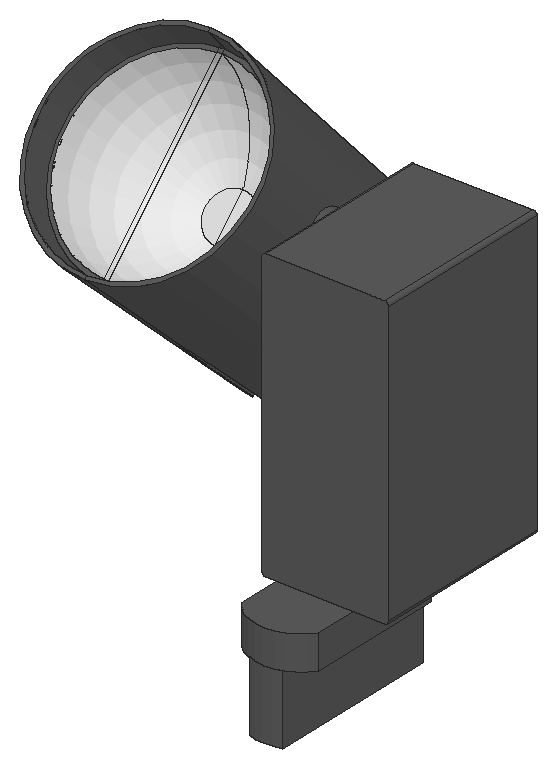
Revit family "0004896 Feilo Sylvania Lighting Fixture START TRACK SPOT S 14W 4K RA90 MB BLACK", category Lighting Fixtures, host Face, Revit 2017 (continued)
Definition of nested family "Start Track Spot Head"
  Types (96, lengths in mm): name | Wattage | built-in parameter 1150134 | Photometric Web File | Model | built-in parameter 1150105 | Lumens | built-in parameter 1150107 | built-in parameter 1150106 | HeadThickness_FEILO | HeadRibOffset_FEILO | HeadRibDepth_FEILO | HeadRibCutWidth_FEILO | HeadRibCutOffset_FEILO | HeadReflectorRadius_FEILO | HeadReflectorOffset_FEILO | HeadLEDRadius_FEILO | HeadHeight_FEILO | HeadDiffusorOffset_FEILO | HeadDiaOut_FEILO | HeadDiaIn_FEILO | HeadAxisFromTop_FEILO | Emit from Circle Diameter | built-in parameter 1150104 | Description | Apparent Load
    0004864 START TRACK SPOT S 24W 3K RA90 WB WHITE | 24 W | (empty or 0) | "0004864.ies" | "START TRACK SPOT S 24W 3K RA90 WB WHITE" | 152.79 (stored number, unit not read) | 1920 lm | 3000 (stored number, unit not read) | 1.5279 (stored number, unit not read) | 1.5 | 4.179 | 55.714 | 7.167 | 50.87 | 50.588 | 55.714 | 9.556 | 117 | 9.435 | 86 | 77.477 | 69.354 | 77.477 | 7.4322 (stored number, unit not read) | "Integrated LED spotlight, Textured White - RAL9016, compact and minimalist design, ideal for retail applications, die-cast aluminium body, passive cooling heatsink. Beam angle: 64°, color temperature: 3000K , total system power: 24W, total fixture output: 1928 lm, LOR: 100%, colour rendering: Ra: 90 typical, LED Chromaticity: 3 step MacAdam ellipse, lifetime: >50000 hours at L70B50, energy class: A++, A+, A, IR/UV free light source without heat radiation, operating voltage: 220-240V / 50-60Hz, drive current: 600mA, electronic driver, non-dimmable, power factor: 0.95, electrical protection: Class II, Global Track 3 Phase adapter suitable for Global trac 3-circuit tracks, ingress protection rating: IP20, suitable for internal environment only, horizontal rotation: 355°, vertical tilt: 90°, dimensions: Ø86x140x200, weight: 0.966kg." | 24 VA
    0004863 START TRACK SPOT S 24W 3K RA90 MB WHITE | 24 W | (empty or 0) | "0004863.ies" | "START TRACK SPOT S 24W 3K RA90 MB WHITE" | 154.7 (stored number, unit not read) | 1944 lm | 3000 (stored number, unit not read) | 1.547 (stored number, unit not read) | 1.5 | 4.179 | 55.714 | 7.167 | 50.87 | 50.588 | 55.714 | 9.556 | 117 | 9.435 | 86 | 77.477 | 69.354 | 77.477 | 7.5251 (stored number, unit not read) | "Integrated LED spotlight, Textured White - RAL9016, compact and minimalist design, ideal for retail applications, die-cast aluminium body, passive cooling heatsink. Beam angle: 36°, color temperature: 3000K , total system power: 24W, total fixture output: 1944 lm, LOR: 100%, colour rendering: Ra: 90 typical, LED Chromaticity: 3 step MacAdam ellipse, lifetime: >50000 hours at L70B50, energy class: A++, A+, A, IR/UV free light source without heat radiation, operating voltage: 220-240V / 50-60Hz, drive current: 600mA, electronic driver, non-dimmable, power factor: 0.95, electrical protection: Class II, Global Track 3 Phase adapter suitable for Global trac 3-circuit tracks, ingress protection rating: IP20, suitable for internal environment only, horizontal rotation: 355°, vertical tilt: 90°, dimensions: Ø86x140x200, weight: 0.966kg." | 24 VA
    0004862 START TRACK SPOT S 24W 3K RA90 NB WHITE | 24 W | (empty or 0) | "0004862.ies" | "START TRACK SPOT S 24W 3K RA90 NB WHITE" | 158.52 (stored number, unit not read) | 1992 lm | 3000 (stored number, unit not read) | 1.5852 (stored number, unit not read) | 1.5 | 4.179 | 55.714 | 7.167 | 50.87 | 50.588 | 55.714 | 9.556 | 117 | 9.435 | 86 | 77.477 | 69.354 | 77.477 | 7.711 (stored number, unit not read) | "Integrated LED spotlight, Textured White - RAL9016, compact and minimalist design, ideal for retail applications, die-cast aluminium body, passive cooling heatsink. Beam angle: 12°, color temperature: 3000K , total system power: 24W, total fixture output: 1987 lm, LOR: 100%, colour rendering: Ra: 90 typical, LED Chromaticity: 3 step MacAdam ellipse, lifetime: >50000 hours at L70B50, energy class: A++, A+, A, IR/UV free light source without heat radiation, operating voltage: 220-240V / 50-60Hz, drive current: 600mA, electronic driver, non-dimmable, power factor: 0.95, electrical protection: Class II, Global Track 3 Phase adapter suitable for Global trac 3-circuit tracks, ingress protection rating: IP20, suitable for internal environment only, horizontal rotation: 355°, vertical tilt: 90°, dimensions: Ø86x140x200, weight: 0.966kg." | 24 VA
    0004861 START TRACK SPOT S 14W 3K RA90 WB WHITE | 14 W | (empty or 0) | "0004861.ies" | "START TRACK SPOT S 14W 3K RA90 WB WHITE" | 100.27 (stored number, unit not read) | 1260 lm | 3000 (stored number, unit not read) | 1.0027 (stored number, unit not read) | 1.5 | 4.179 | 55.714 | 7.167 | 50.87 | 50.588 | 55.714 | 9.556 | 117 | 9.435 | 86 | 77.477 | 69.354 | 77.477 | 8.3613 (stored number, unit not read) | "Integrated LED spotlight, Textured White - RAL9016, compact and minimalist design, ideal for retail applications, die-cast aluminium body, passive cooling heatsink. Beam angle: 64°, color temperature: 3000K , total system power: 14W, total fixture output: 1262 lm, LOR: 100%, colour rendering: Ra: 90 typical, LED Chromaticity: 3 step MacAdam ellipse, lifetime: >50000 hours at L70B50, energy class: A++, A+, A, IR/UV free light source without heat radiation, operating voltage: 220-240V / 50-60Hz, drive current: 350mA, electronic driver, non-dimmable, power factor: 0.92, electrical protection: Class II, Global Track 3 Phase adapter suitable for Global trac 3-circuit tracks, ingress protection rating: IP20, suitable for internal environment only, horizontal rotation: 355°, vertical tilt: 90°, dimensions: Ø86x140x200, weight: 0.940kg." | 14 VA
    0004860 START TRACK SPOT S 14W 3K RA90 MB WHITE | 14 W | (empty or 0) | "0004860.ies" | "START TRACK SPOT S 14W 3K RA90 MB WHITE" | 100.27 (stored number, unit not read) | 1260 lm | 3000 (stored number, unit not read) | 1.0027 (stored number, unit not read) | 1.5 | 4.179 | 55.714 | 7.167 | 50.87 | 50.588 | 55.714 | 9.556 | 117 | 9.435 | 86 | 77.477 | 69.354 | 77.477 | 8.3613 (stored number, unit not read) | "Integrated LED spotlight, Textured White - RAL9016, compact and minimalist design, ideal for retail applications, die-cast aluminium body, passive cooling heatsink. Beam angle: 36°, color temperature: 3000K , total system power: 14W, total fixture output: 1262 lm, LOR: 100%, colour rendering: Ra: 90 typical, LED Chromaticity: 3 step MacAdam ellipse, lifetime: >50000 hours at L70B50, energy class: A++, A+, A, IR/UV free light source without heat radiation, operating voltage: 220-240V / 50-60Hz, drive current: 350mA, electronic driver, non-dimmable, power factor: 0.92, electrical protection: Class II, Global Track 3 Phase adapter suitable for Global trac 3-circuit tracks, ingress protection rating: IP20, suitable for internal environment only, horizontal rotation: 355°, vertical tilt: 90°, dimensions: Ø86x140x200, weight: 0.940kg." | 14 VA
    0004859 START TRACK SPOT S 14W 3K RA90 NB WHITE | 14 W | (empty or 0) | "0004859.ies" | "START TRACK SPOT S 14W 3K RA90 NB WHITE" | 102.5 (stored number, unit not read) | 1288 lm | 3000 (stored number, unit not read) | 1.025 (stored number, unit not read) | 1.5 | 4.179 | 55.714 | 7.167 | 50.87 | 50.588 | 55.714 | 9.556 | 117 | 9.435 | 86 | 77.477 | 69.354 | 77.477 | 8.5471 (stored number, unit not read) | "Integrated LED spotlight, Textured White - RAL9016, compact and minimalist design, ideal for retail applications, die-cast aluminium body, passive cooling heatsink. Beam angle: 12°, color temperature: 3000K , total system power: 14W, total fixture output: 1284 lm, LOR: 100%, colour rendering: Ra: 90 typical, LED Chromaticity: 3 step MacAdam ellipse, lifetime: >50000 hours at L70B50, energy class: A++, A+, A, IR/UV free light source without heat radiation, operating voltage: 220-240V / 50-60Hz, drive current: 350mA, electronic driver, non-dimmable, power factor: 0.92, electrical protection: Class II, Global Track 3 Phase adapter suitable for Global trac 3-circuit tracks, ingress protection rating: IP20, suitable for internal environment only, horizontal rotation: 355°, vertical tilt: 90°, dimensions: Ø86x140x200, weight: 0.940kg." | 14 VA
    0004858 START TRACK SPOT L 55W 4K RA80 WB BLACK | 55 W | 12 | "0004858.ies" | "START TRACK SPOT L 55W 4K RA80 WB BLACK" | 424.55 (stored number, unit not read) | 5335 lm | 4000 (stored number, unit not read) | 4.2455 (stored number, unit not read) | 2 | 4.429 | 59.048 | 9.417 | 53.913 | 66.471 | 59.048 | 12.556 | 124 | 10 | 113 | 101.802 | 73.503 | 101.802 | 9.0116 (stored number, unit not read) | "Integrated LED spotlight, Textured Black - RAL9005, compact and minimalist design, ideal for retail applications, die-cast aluminium body, passive cooling heatsink. Beam angle: 52°, color temperature: 4000K , total system power: 55W, total fixture output: 5320 lm, LOR: 100%, colour rendering: Ra: 80 typical, LED Chromaticity: 3 step MacAdam ellipse, lifetime: >50000 hours at L70B50, energy class: A++, A+, A, IR/UV free light source without heat radiation, operating voltage: 220-240V / 50-60Hz, drive current: 1400mA, electronic driver, non-dimmable, power factor: 0.96, electrical protection: Class II, Global Track 3 Phase adapter suitable for Global trac 3-circuit tracks, ingress protection rating: IP20, suitable for internal environment only, horizontal rotation: 355°, vertical tilt: 90°, dimensions: Ø113x164x240, weight: 1.398kg." | 55 VA
    0004857 START TRACK SPOT L 55W 4K RA80 MB BLACK | 55 W | 12 | "0004857.ies" | "START TRACK SPOT L 55W 4K RA80 MB BLACK" | 428.92 (stored number, unit not read) | 5390 lm | 4000 (stored number, unit not read) | 4.2892 (stored number, unit not read) | 2 | 4.429 | 59.048 | 9.417 | 53.913 | 66.471 | 59.048 | 12.556 | 124 | 10 | 113 | 101.802 | 73.503 | 101.802 | 9.1045 (stored number, unit not read) | "Integrated LED spotlight, Textured Black - RAL9005, compact and minimalist design, ideal for retail applications, die-cast aluminium body, passive cooling heatsink. Beam angle: 38°, color temperature: 4000K , total system power: 55W, total fixture output: 5378 lm, LOR: 100%, colour rendering: Ra: 80 typical, LED Chromaticity: 3 step MacAdam ellipse, lifetime: >50000 hours at L70B50, energy class: A++, A+, A, IR/UV free light source without heat radiation, operating voltage: 220-240V / 50-60Hz, drive current: 1400mA, electronic driver, non-dimmable, power factor: 0.96, electrical protection: Class II, Global Track 3 Phase adapter suitable for Global trac 3-circuit tracks, ingress protection rating: IP20, suitable for internal environment only, horizontal rotation: 355°, vertical tilt: 90°, dimensions: Ø113x164x240, weight: 1.398kg." | 55 VA
    0004856 START TRACK SPOT L 55W 4K RA80 NB BLACK | 55 W | 12 | "0004856.ies" | "START TRACK SPOT L 55W 4K RA80 NB BLACK" | 433.3 (stored number, unit not read) | 5445 lm | 4000 (stored number, unit not read) | 4.333 (stored number, unit not read) | 2 | 4.429 | 59.048 | 9.417 | 53.913 | 66.471 | 59.048 | 12.556 | 124 | 10 | 113 | 101.802 | 73.503 | 101.802 | 9.1974 (stored number, unit not read) | "Integrated LED spotlight, Textured Black - RAL9005, compact and minimalist design, ideal for retail applications, die-cast aluminium body, passive cooling heatsink. Beam angle: 15°, color temperature: 4000K , total system power: 55W, total fixture output: 5426 lm, LOR: 100%, colour rendering: Ra: 80 typical, LED Chromaticity: 3 step MacAdam ellipse, lifetime: >50000 hours at L70B50, energy class: A++, A+, A, IR/UV free light source without heat radiation, operating voltage: 220-240V / 50-60Hz, drive current: 1400mA, electronic driver, non-dimmable, power factor: 0.96, electrical protection: Class II, Global Track 3 Phase adapter suitable for Global trac 3-circuit tracks, ingress protection rating: IP20, suitable for internal environment only, horizontal rotation: 355°, vertical tilt: 90°, dimensions: Ø113x164x240, weight: 1.398kg." | 55 VA
    0004855 START TRACK SPOT L 35W 4K RA80 WB BLACK | 35 W | 12 | "0004855.ies" | "START TRACK SPOT L 35W 4K RA80 WB BLACK" | 320.3 (stored number, unit not read) | 4025 lm | 4000 (stored number, unit not read) | 3.203 (stored number, unit not read) | 2 | 4.429 | 59.048 | 9.417 | 53.913 | 66.471 | 59.048 | 12.556 | 124 | 10 | 113 | 101.802 | 73.503 | 101.802 | 10.684 (stored number, unit not read) | "Integrated LED spotlight, Textured Black - RAL9005, compact and minimalist design, ideal for retail applications, die-cast aluminium body, passive cooling heatsink. Beam angle: 52°, color temperature: 4000K , total system power: 35W, total fixture output: 4010 lm, LOR: 100%, colour rendering: Ra: 80 typical, LED Chromaticity: 3 step MacAdam ellipse, lifetime: >50000 hours at L70B50, energy class: A++, A+, A, IR/UV free light source without heat radiation, operating voltage: 220-240V / 50-60Hz, drive current: 900mA, electronic driver, non-dimmable, power factor: 0.93, electrical protection: Class II, Global Track 3 Phase adapter suitable for Global trac 3-circuit tracks, ingress protection rating: IP20, suitable for internal environment only, horizontal rotation: 355°, vertical tilt: 90°, dimensions: Ø113x164x240, weight: 1.368kg." | 35 VA
    0004854 START TRACK SPOT L 35W 4K RA80 MB BLACK | 35 W | 12 | "0004854.ies" | "START TRACK SPOT L 35W 4K RA80 MB BLACK" | 320.3 (stored number, unit not read) | 4025 lm | 4000 (stored number, unit not read) | 3.203 (stored number, unit not read) | 2 | 4.429 | 59.048 | 9.417 | 53.913 | 66.471 | 59.048 | 12.556 | 124 | 10 | 113 | 101.802 | 73.503 | 101.802 | 10.684 (stored number, unit not read) | "Integrated LED spotlight, Textured Black - RAL9005, compact and minimalist design, ideal for retail applications, die-cast aluminium body, passive cooling heatsink. Beam angle: 38°, color temperature: 4000K , total system power: 35W, total fixture output: 4017 lm, LOR: 100%, colour rendering: Ra: 80 typical, LED Chromaticity: 3 step MacAdam ellipse, lifetime: >50000 hours at L70B50, energy class: A++, A+, A, IR/UV free light source without heat radiation, operating voltage: 220-240V / 50-60Hz, drive current: 900mA, electronic driver, non-dimmable, power factor: 0.93, electrical protection: Class II, Global Track 3 Phase adapter suitable for Global trac 3-circuit tracks, ingress protection rating: IP20, suitable for internal environment only, horizontal rotation: 355°, vertical tilt: 90°, dimensions: Ø113x164x240, weight: 1.368kg." | 35 VA
    0004853 START TRACK SPOT L 35W 4K RA80 NB BLACK | 35 W | 12 | "0004853.ies" | "START TRACK SPOT L 35W 4K RA80 NB BLACK" | 331.44 (stored number, unit not read) | 4165 lm | 4000 (stored number, unit not read) | 3.3144 (stored number, unit not read) | 2 | 4.429 | 59.048 | 9.417 | 53.913 | 66.471 | 59.048 | 12.556 | 124 | 10 | 113 | 101.802 | 73.503 | 101.802 | 11.055 (stored number, unit not read) | "Integrated LED spotlight, Textured Black - RAL9005, compact and minimalist design, ideal for retail applications, die-cast aluminium body, passive cooling heatsink. Beam angle: 15°, color temperature: 4000K , total system power: 35W, total fixture output: 4174 lm, LOR: 100%, colour rendering: Ra: 80 typical, LED Chromaticity: 3 step MacAdam ellipse, lifetime: >50000 hours at L70B50, energy class: A++, A+, A, IR/UV free light source without heat radiation, operating voltage: 220-240V / 50-60Hz, drive current: 900mA, electronic driver, non-dimmable, power factor: 0.93, electrical protection: Class II, Global Track 3 Phase adapter suitable for Global trac 3-circuit tracks, ingress protection rating: IP20, suitable for internal environment only, horizontal rotation: 355°, vertical tilt: 90°, dimensions: Ø113x164x240, weight: 1.368kg." | 35 VA
    0004852 START TRACK SPOT S 24W 4K RA80 WB BLACK | 24 W | 12 | "0004852.ies" | "START TRACK SPOT S 24W 4K RA80 WB BLACK" | 196.72 (stored number, unit not read) | 2472 lm | 4000 (stored number, unit not read) | 1.9672 (stored number, unit not read) | 1.5 | 4.179 | 55.714 | 7.167 | 50.87 | 50.588 | 55.714 | 9.556 | 117 | 9.435 | 86 | 77.477 | 69.354 | 77.477 | 9.569 (stored number, unit not read) | "Integrated LED spotlight, Textured Black - RAL9005, compact and minimalist design, ideal for retail applications, die-cast aluminium body, passive cooling heatsink. Beam angle: 64°, color temperature: 4000K , total system power: 24W, total fixture output: 2476 lm, LOR: 100%, colour rendering: Ra: 80 typical, LED Chromaticity: 3 step MacAdam ellipse, lifetime: >50000 hours at L70B50, energy class: A++, A+, A, IR/UV free light source without heat radiation, operating voltage: 220-240V / 50-60Hz, drive current: 600mA, electronic driver, non-dimmable, power factor: 0.95, electrical protection: Class II, Global Track 3 Phase adapter suitable for Global trac 3-circuit tracks, ingress protection rating: IP20, suitable for internal environment only, horizontal rotation: 355°, vertical tilt: 90°, dimensions: Ø86x140x200, weight: 0.966kg." | 24 VA
    0004851 START TRACK SPOT S 24W 4K RA80 MB BLACK | 24 W | 12 | "0004851.ies" | "START TRACK SPOT S 24W 4K RA80 MB BLACK" | 198.63 (stored number, unit not read) | 2496 lm | 4000 (stored number, unit not read) | 1.9863 (stored number, unit not read) | 1.5 | 4.179 | 55.714 | 7.167 | 50.87 | 50.588 | 55.714 | 9.556 | 117 | 9.435 | 86 | 77.477 | 69.354 | 77.477 | 9.6619 (stored number, unit not read) | "Integrated LED spotlight, Textured Black - RAL9005, compact and minimalist design, ideal for retail applications, die-cast aluminium body, passive cooling heatsink. Beam angle: 36°, color temperature: 4000K , total system power: 24W, total fixture output: 2487 lm, LOR: 100%, colour rendering: Ra: 80 typical, LED Chromaticity: 3 step MacAdam ellipse, lifetime: >50000 hours at L70B50, energy class: A++, A+, A, IR/UV free light source without heat radiation, operating voltage: 220-240V / 50-60Hz, drive current: 600mA, electronic driver, non-dimmable, power factor: 0.95, electrical protection: Class II, Global Track 3 Phase adapter suitable for Global trac 3-circuit tracks, ingress protection rating: IP20, suitable for internal environment only, horizontal rotation: 355°, vertical tilt: 90°, dimensions: Ø86x140x200, weight: 0.966kg." | 24 VA
    0004850 START TRACK SPOT S 24W 4K RA80 NB BLACK | 24 W | 12 | "0004850.ies" | "START TRACK SPOT S 24W 4K RA80 NB BLACK" | 200.54 (stored number, unit not read) | 2520 lm | 4000 (stored number, unit not read) | 2.0054 (stored number, unit not read) | 1.5 | 4.179 | 55.714 | 7.167 | 50.87 | 50.588 | 55.714 | 9.556 | 117 | 9.435 | 86 | 77.477 | 69.354 | 77.477 | 9.7548 (stored number, unit not read) | "Integrated LED spotlight, Textured Black - RAL9005, compact and minimalist design, ideal for retail applications, die-cast aluminium body, passive cooling heatsink. Beam angle: 12°, color temperature: 4000K , total system power: 24W, total fixture output: 2529 lm, LOR: 100%, colour rendering: Ra: 80 typical, LED Chromaticity: 3 step MacAdam ellipse, lifetime: >50000 hours at L70B50, energy class: A++, A+, A, IR/UV free light source without heat radiation, operating voltage: 220-240V / 50-60Hz, drive current: 600mA, electronic driver, non-dimmable, power factor: 0.95, electrical protection: Class II, Global Track 3 Phase adapter suitable for Global trac 3-circuit tracks, ingress protection rating: IP20, suitable for internal environment only, horizontal rotation: 355°, vertical tilt: 90°, dimensions: Ø86x140x200, weight: 0.966kg." | 24 VA
    0004849 START TRACK SPOT S 14W 4K RA80 WB BLACK | 14 W | 12 | "0004849.ies" | "START TRACK SPOT S 14W 4K RA80 WB BLACK" | 123.66 (stored number, unit not read) | 1554 lm | 4000 (stored number, unit not read) | 1.2366 (stored number, unit not read) | 1.5 | 4.179 | 55.714 | 7.167 | 50.87 | 50.588 | 55.714 | 9.556 | 117 | 9.435 | 86 | 77.477 | 69.354 | 77.477 | 10.312 (stored number, unit not read) | "Integrated LED spotlight, Textured Black - RAL9005, compact and minimalist design, ideal for retail applications, die-cast aluminium body, passive cooling heatsink. Beam angle: 64°, color temperature: 4000K , total system power: 14W, total fixture output: 1558 lm, LOR: 100%, colour rendering: Ra: 80 typical, LED Chromaticity: 3 step MacAdam ellipse, lifetime: >50000 hours at L70B50, energy class: A++, A+, A, IR/UV free light source without heat radiation, operating voltage: 220-240V / 50-60Hz, drive current: 350mA, electronic driver, non-dimmable, power factor: 0.92, electrical protection: Class II, Global Track 3 Phase adapter suitable for Global trac 3-circuit tracks, ingress protection rating: IP20, suitable for internal environment only, horizontal rotation: 355°, vertical tilt: 90°, dimensions: Ø86x140x200, weight: 0.940kg." | 14 VA
    0004848 START TRACK SPOT S 14W 4K RA80 MB BLACK | 14 W | 12 | "0004848.ies" | "START TRACK SPOT S 14W 4K RA80 MB BLACK" | 127.01 (stored number, unit not read) | 1596 lm | 4000 (stored number, unit not read) | 1.2701 (stored number, unit not read) | 1.5 | 4.179 | 55.714 | 7.167 | 50.87 | 50.588 | 55.714 | 9.556 | 117 | 9.435 | 86 | 77.477 | 69.354 | 77.477 | 10.591 (stored number, unit not read) | "Integrated LED spotlight, Textured Black - RAL9005, compact and minimalist design, ideal for retail applications, die-cast aluminium body, passive cooling heatsink. Beam angle: 36°, color temperature: 4000K , total system power: 14W, total fixture output: 1598 lm, LOR: 100%, colour rendering: Ra: 80 typical, LED Chromaticity: 3 step MacAdam ellipse, lifetime: >50000 hours at L70B50, energy class: A++, A+, A, IR/UV free light source without heat radiation, operating voltage: 220-240V / 50-60Hz, drive current: 350mA, electronic driver, non-dimmable, power factor: 0.92, electrical protection: Class II, Global Track 3 Phase adapter suitable for Global trac 3-circuit tracks, ingress protection rating: IP20, suitable for internal environment only, horizontal rotation: 355°, vertical tilt: 90°, dimensions: Ø86x140x200, weight: 0.940kg." | 14 VA
    0004847 START TRACK SPOT S 14W 4K RA80 NB BLACK | 14 W | 12 | "0004847.ies" | "START TRACK SPOT S 14W 4K RA80 NB BLACK" | 128.12 (stored number, unit not read) | 1610 lm | 4000 (stored number, unit not read) | 1.2812 (stored number, unit not read) | 1.5 | 4.179 | 55.714 | 7.167 | 50.87 | 50.588 | 55.714 | 9.556 | 117 | 9.435 | 86 | 77.477 | 69.354 | 77.477 | 10.684 (stored number, unit not read) | "Integrated LED spotlight, Textured Black - RAL9005, compact and minimalist design, ideal for retail applications, die-cast aluminium body, passive cooling heatsink. Beam angle: 12°, color temperature: 4000K , total system power: 14W, total fixture output: 1608 lm, LOR: 100%, colour rendering: Ra: 80 typical, LED Chromaticity: 3 step MacAdam ellipse, lifetime: >50000 hours at L70B50, energy class: A++, A+, A, IR/UV free light source without heat radiation, operating voltage: 220-240V / 50-60Hz, drive current: 350mA, electronic driver, non-dimmable, power factor: 0.92, electrical protection: Class II, Global Track 3 Phase adapter suitable for Global trac 3-circuit tracks, ingress protection rating: IP20, suitable for internal environment only, horizontal rotation: 355°, vertical tilt: 90°, dimensions: Ø86x140x200, weight: 0.940kg." | 14 VA
    0004846 START TRACK SPOT L 55W 3K RA80 WB BLACK | 55 W | (empty or 0) | "0004846.ies" | "START TRACK SPOT L 55W 3K RA80 WB BLACK" | 420.17 (stored number, unit not read) | 5280 lm | 3000 (stored number, unit not read) | 4.2017 (stored number, unit not read) | 2 | 4.429 | 59.048 | 9.417 | 53.913 | 66.471 | 59.048 | 12.556 | 124 | 10 | 113 | 101.802 | 73.503 | 101.802 | 8.9187 (stored number, unit not read) | "Integrated LED spotlight, Textured Black - RAL9005, compact and minimalist design, ideal for retail applications, die-cast aluminium body, passive cooling heatsink. Beam angle: 52°, color temperature: 3000K , total system power: 55W, total fixture output: 5298 lm, LOR: 100%, colour rendering: Ra: 80 typical, LED Chromaticity: 3 step MacAdam ellipse, lifetime: >50000 hours at L70B50, energy class: A++, A+, A, IR/UV free light source without heat radiation, operating voltage: 220-240V / 50-60Hz, drive current: 1400mA, electronic driver, non-dimmable, power factor: 0.96, electrical protection: Class II, Global Track 3 Phase adapter suitable for Global trac 3-circuit tracks, ingress protection rating: IP20, suitable for internal environment only, horizontal rotation: 355°, vertical tilt: 90°, dimensions: Ø113x164x240, weight: 1.398kg." | 55 VA
    0004845 START TRACK SPOT L 55W 3K RA80 MB BLACK | 55 W | (empty or 0) | "0004845.ies" | "START TRACK SPOT L 55W 3K RA80 MB BLACK" | 428.92 (stored number, unit not read) | 5390 lm | 3000 (stored number, unit not read) | 4.2892 (stored number, unit not read) | 2 | 4.429 | 59.048 | 9.417 | 53.913 | 66.471 | 59.048 | 12.556 | 124 | 10 | 113 | 101.802 | 73.503 | 101.802 | 9.1045 (stored number, unit not read) | "Integrated LED spotlight, Textured Black - RAL9005, compact and minimalist design, ideal for retail applications, die-cast aluminium body, passive cooling heatsink. Beam angle: 38°, color temperature: 3000K , total system power: 55W, total fixture output: 5381 lm, LOR: 100%, colour rendering: Ra: 80 typical, LED Chromaticity: 3 step MacAdam ellipse, lifetime: >50000 hours at L70B50, energy class: A++, A+, A, IR/UV free light source without heat radiation, operating voltage: 220-240V / 50-60Hz, drive current: 1400mA, electronic driver, non-dimmable, power factor: 0.96, electrical protection: Class II, Global Track 3 Phase adapter suitable for Global trac 3-circuit tracks, ingress protection rating: IP20, suitable for internal environment only, horizontal rotation: 355°, vertical tilt: 90°, dimensions: Ø113x164x240, weight: 1.398kg." | 55 VA
    0004844 START TRACK SPOT L 55W 3K RA80 NB BLACK | 55 W | (empty or 0) | "0004844.ies" | "START TRACK SPOT L 55W 3K RA80 NB BLACK" | 433.3 (stored number, unit not read) | 5445 lm | 3000 (stored number, unit not read) | 4.333 (stored number, unit not read) | 2 | 4.429 | 59.048 | 9.417 | 53.913 | 66.471 | 59.048 | 12.556 | 124 | 10 | 113 | 101.802 | 73.503 | 101.802 | 9.1974 (stored number, unit not read) | "Integrated LED spotlight, Textured Black - RAL9005, compact and minimalist design, ideal for retail applications, die-cast aluminium body, passive cooling heatsink. Beam angle: 15°, color temperature: 3000K , total system power: 55W, total fixture output: 5449 lm, LOR: 100%, colour rendering: Ra: 80 typical, LED Chromaticity: 3 step MacAdam ellipse, lifetime: >50000 hours at L70B50, energy class: A++, A+, A, IR/UV free light source without heat radiation, operating voltage: 220-240V / 50-60Hz, drive current: 1400mA, electronic driver, non-dimmable, power factor: 0.96, electrical protection: Class II, Global Track 3 Phase adapter suitable for Global trac 3-circuit tracks, ingress protection rating: IP20, suitable for internal environment only, horizontal rotation: 355°, vertical tilt: 90°, dimensions: Ø113x164x240, weight: 1.398kg." | 55 VA
    0004843 START TRACK SPOT L 35W 3K RA80 WB BLACK | 35 W | (empty or 0) | "0004843.ies" | "START TRACK SPOT L 35W 3K RA80 WB BLACK" | 314.73 (stored number, unit not read) | 3955 lm | 3000 (stored number, unit not read) | 3.1473 (stored number, unit not read) | 2 | 4.429 | 59.048 | 9.417 | 53.913 | 66.471 | 59.048 | 12.556 | 124 | 10 | 113 | 101.802 | 73.503 | 101.802 | 10.498 (stored number, unit not read) | "Integrated LED spotlight, Textured Black - RAL9005, compact and minimalist design, ideal for retail applications, die-cast aluminium body, passive cooling heatsink. Beam angle: 52°, color temperature: 3000K , total system power: 35W, total fixture output: 3943 lm, LOR: 100%, colour rendering: Ra: 80 typical, LED Chromaticity: 3 step MacAdam ellipse, lifetime: >50000 hours at L70B50, energy class: A++, A+, A, IR/UV free light source without heat radiation, operating voltage: 220-240V / 50-60Hz, drive current: 900mA, electronic driver, non-dimmable, power factor: 0.93, electrical protection: Class II, Global Track 3 Phase adapter suitable for Global trac 3-circuit tracks, ingress protection rating: IP20, suitable for internal environment only, horizontal rotation: 355°, vertical tilt: 90°, dimensions: Ø113x164x240, weight: 1.368kg." | 35 VA
    0004842 START TRACK SPOT L 35W 3K RA80 MB BLACK | 35 W | (empty or 0) | "0004842.ies" | "START TRACK SPOT L 35W 3K RA80 MB BLACK" | 320.3 (stored number, unit not read) | 4025 lm | 3000 (stored number, unit not read) | 3.203 (stored number, unit not read) | 2 | 4.429 | 59.048 | 9.417 | 53.913 | 66.471 | 59.048 | 12.556 | 124 | 10 | 113 | 101.802 | 73.503 | 101.802 | 10.684 (stored number, unit not read) | "Integrated LED spotlight, Textured Black - RAL9005, compact and minimalist design, ideal for retail applications, die-cast aluminium body, passive cooling heatsink. Beam angle: 38°, color temperature: 3000K , total system power: 35W, total fixture output: 4008 lm, LOR: 100%, colour rendering: Ra: 80 typical, LED Chromaticity: 3 step MacAdam ellipse, lifetime: >50000 hours at L70B50, energy class: A++, A+, A, IR/UV free light source without heat radiation, operating voltage: 220-240V / 50-60Hz, drive current: 900mA, electronic driver, non-dimmable, power factor: 0.93, electrical protection: Class II, Global Track 3 Phase adapter suitable for Global trac 3-circuit tracks, ingress protection rating: IP20, suitable for internal environment only, horizontal rotation: 355°, vertical tilt: 90°, dimensions: Ø113x164x240, weight: 1.368kg." | 35 VA
    0004841 START TRACK SPOT L 35W 3K RA80 NB BLACK | 35 W | (empty or 0) | "0004841.ies" | "START TRACK SPOT L 35W 3K RA80 NB BLACK" | 317.51 (stored number, unit not read) | 3990 lm | 3000 (stored number, unit not read) | 3.1751 (stored number, unit not read) | 2 | 4.429 | 59.048 | 9.417 | 53.913 | 66.471 | 59.048 | 12.556 | 124 | 10 | 113 | 101.802 | 73.503 | 101.802 | 10.591 (stored number, unit not read) | "Integrated LED spotlight, Textured Black - RAL9005, compact and minimalist design, ideal for retail applications, die-cast aluminium body, passive cooling heatsink. Beam angle: 15°, color temperature: 3000K , total system power: 35W, total fixture output: 4005 lm, LOR: 100%, colour rendering: Ra: 80 typical, LED Chromaticity: 3 step MacAdam ellipse, lifetime: >50000 hours at L70B50, energy class: A++, A+, A, IR/UV free light source without heat radiation, operating voltage: 220-240V / 50-60Hz, drive current: 900mA, electronic driver, non-dimmable, power factor: 0.93, electrical protection: Class II, Global Track 3 Phase adapter suitable for Global trac 3-circuit tracks, ingress protection rating: IP20, suitable for internal environment only, horizontal rotation: 355°, vertical tilt: 90°, dimensions: Ø113x164x240, weight: 1.368kg." | 35 VA
    0004840 START TRACK SPOT S 24W 3K RA80 WB BLACK | 24 W | (empty or 0) | "0004840.ies" | "START TRACK SPOT S 24W 3K RA80 WB BLACK" | 185.26 (stored number, unit not read) | 2328 lm | 3000 (stored number, unit not read) | 1.8526 (stored number, unit not read) | 1.5 | 4.179 | 55.714 | 7.167 | 50.87 | 50.588 | 55.714 | 9.556 | 117 | 9.435 | 86 | 77.477 | 69.354 | 77.477 | 9.0116 (stored number, unit not read) | "Integrated LED spotlight, Textured Black - RAL9005, compact and minimalist design, ideal for retail applications, die-cast aluminium body, passive cooling heatsink. Beam angle: 64°, color temperature: 3000K , total system power: 24W, total fixture output: 2318 lm, LOR: 100%, colour rendering: Ra: 80 typical, LED Chromaticity: 3 step MacAdam ellipse, lifetime: >50000 hours at L70B50, energy class: A++, A+, A, IR/UV free light source without heat radiation, operating voltage: 220-240V / 50-60Hz, drive current: 600mA, electronic driver, non-dimmable, power factor: 0.95, electrical protection: Class II, Global Track 3 Phase adapter suitable for Global trac 3-circuit tracks, ingress protection rating: IP20, suitable for internal environment only, horizontal rotation: 355°, vertical tilt: 90°, dimensions: Ø86x140x200, weight: 0.966kg." | 24 VA
    0004839 START TRACK SPOT S 24W 3K RA80 MB BLACK | 24 W | (empty or 0) | "0004839.ies" | "START TRACK SPOT S 24W 3K RA80 MB BLACK" | 183.35 (stored number, unit not read) | 2304 lm | 3000 (stored number, unit not read) | 1.8335 (stored number, unit not read) | 1.5 | 4.179 | 55.714 | 7.167 | 50.87 | 50.588 | 55.714 | 9.556 | 117 | 9.435 | 86 | 77.477 | 69.354 | 77.477 | 8.9187 (stored number, unit not read) | "Integrated LED spotlight, Textured Black - RAL9005, compact and minimalist design, ideal for retail applications, die-cast aluminium body, passive cooling heatsink. Beam angle: 36°, color temperature: 3000K , total system power: 24W, total fixture output: 2314 lm, LOR: 100%, colour rendering: Ra: 80 typical, LED Chromaticity: 3 step MacAdam ellipse, lifetime: >50000 hours at L70B50, energy class: A++, A+, A, IR/UV free light source without heat radiation, operating voltage: 220-240V / 50-60Hz, drive current: 600mA, electronic driver, non-dimmable, power factor: 0.95, electrical protection: Class II, Global Track 3 Phase adapter suitable for Global trac 3-circuit tracks, ingress protection rating: IP20, suitable for internal environment only, horizontal rotation: 355°, vertical tilt: 90°, dimensions: Ø86x140x200, weight: 0.966kg." | 24 VA
    0004838 START TRACK SPOT S 24W 3K RA80 NB BLACK | 24 W | (empty or 0) | "0004838.ies" | "START TRACK SPOT S 24W 3K RA80 NB BLACK" | 185.26 (stored number, unit not read) | 2328 lm | 3000 (stored number, unit not read) | 1.8526 (stored number, unit not read) | 1.5 | 4.179 | 55.714 | 7.167 | 50.87 | 50.588 | 55.714 | 9.556 | 117 | 9.435 | 86 | 77.477 | 69.354 | 77.477 | 9.0116 (stored number, unit not read) | "Integrated LED spotlight, Textured Black - RAL9005, compact and minimalist design, ideal for retail applications, die-cast aluminium body, passive cooling heatsink. Beam angle: 12°, color temperature: 3000K , total system power: 24W, total fixture output: 2334 lm, LOR: 100%, colour rendering: Ra: 80 typical, LED Chromaticity: 3 step MacAdam ellipse, lifetime: >50000 hours at L70B50, energy class: A++, A+, A, IR/UV free light source without heat radiation, operating voltage: 220-240V / 50-60Hz, drive current: 600mA, electronic driver, non-dimmable, power factor: 0.95, electrical protection: Class II, Global Track 3 Phase adapter suitable for Global trac 3-circuit tracks, ingress protection rating: IP20, suitable for internal environment only, horizontal rotation: 355°, vertical tilt: 90°, dimensions: Ø86x140x200, weight: 0.966kg." | 24 VA
    0004837 START TRACK SPOT S 14W 3K RA80 WB BLACK | 14 W | (empty or 0) | "0004837.ies" | "START TRACK SPOT S 14W 3K RA80 WB BLACK" | 119.21 (stored number, unit not read) | 1498 lm | 3000 (stored number, unit not read) | 1.1921 (stored number, unit not read) | 1.5 | 4.179 | 55.714 | 7.167 | 50.87 | 50.588 | 55.714 | 9.556 | 117 | 9.435 | 86 | 77.477 | 69.354 | 77.477 | 9.9406 (stored number, unit not read) | "Integrated LED spotlight, Textured Black - RAL9005, compact and minimalist design, ideal for retail applications, die-cast aluminium body, passive cooling heatsink. Beam angle: 64°, color temperature: 3000K , total system power: 14W, total fixture output: 1498 lm, LOR: 100%, colour rendering: Ra: 80 typical, LED Chromaticity: 3 step MacAdam ellipse, lifetime: >50000 hours at L70B50, energy class: A++, A+, A, IR/UV free light source without heat radiation, operating voltage: 220-240V / 50-60Hz, drive current: 350mA, electronic driver, non-dimmable, power factor: 0.92, electrical protection: Class II, Global Track 3 Phase adapter suitable for Global trac 3-circuit tracks, ingress protection rating: IP20, suitable for internal environment only, horizontal rotation: 355°, vertical tilt: 90°, dimensions: Ø86x140x200, weight: 0.940kg." | 14 VA
    0004836 START TRACK SPOT S 14W 3K RA80 MB BLACK | 14 W | (empty or 0) | "0004836.ies" | "START TRACK SPOT S 14W 3K RA80 MB BLACK" | 120.32 (stored number, unit not read) | 1512 lm | 3000 (stored number, unit not read) | 1.2032 (stored number, unit not read) | 1.5 | 4.179 | 55.714 | 7.167 | 50.87 | 50.588 | 55.714 | 9.556 | 117 | 9.435 | 86 | 77.477 | 69.354 | 77.477 | 10.034 (stored number, unit not read) | "Integrated LED spotlight, Textured Black - RAL9005, compact and minimalist design, ideal for retail applications, die-cast aluminium body, passive cooling heatsink. Beam angle: 36°, color temperature: 3000K , total system power: 14W, total fixture output: 1508 lm, LOR: 100%, colour rendering: Ra: 80 typical, LED Chromaticity: 3 step MacAdam ellipse, lifetime: >50000 hours at L70B50, energy class: A++, A+, A, IR/UV free light source without heat radiation, operating voltage: 220-240V / 50-60Hz, drive current: 350mA, electronic driver, non-dimmable, power factor: 0.92, electrical protection: Class II, Global Track 3 Phase adapter suitable for Global trac 3-circuit tracks, ingress protection rating: IP20, suitable for internal environment only, horizontal rotation: 355°, vertical tilt: 90°, dimensions: Ø86x140x200, weight: 0.940kg." | 14 VA
    0004835 START TRACK SPOT S 14W 3K RA80 NB BLACK | 14 W | (empty or 0) | "0004835.ies" | "START TRACK SPOT S 14W 3K RA80 NB BLACK" | 123.66 (stored number, unit not read) | 1554 lm | 3000 (stored number, unit not read) | 1.2366 (stored number, unit not read) | 1.5 | 4.179 | 55.714 | 7.167 | 50.87 | 50.588 | 55.714 | 9.556 | 117 | 9.435 | 86 | 77.477 | 69.354 | 77.477 | 10.312 (stored number, unit not read) | "Integrated LED spotlight, Textured Black - RAL9005, compact and minimalist design, ideal for retail applications, die-cast aluminium body, passive cooling heatsink. Beam angle: 12°, color temperature: 3000K , total system power: 14W, total fixture output: 1551 lm, LOR: 100%, colour rendering: Ra: 80 typical, LED Chromaticity: 3 step MacAdam ellipse, lifetime: >50000 hours at L70B50, energy class: A++, A+, A, IR/UV free light source without heat radiation, operating voltage: 220-240V / 50-60Hz, drive current: 350mA, electronic driver, non-dimmable, power factor: 0.92, electrical protection: Class II, Global Track 3 Phase adapter suitable for Global trac 3-circuit tracks, ingress protection rating: IP20, suitable for internal environment only, horizontal rotation: 355°, vertical tilt: 90°, dimensions: Ø86x140x200, weight: 0.940kg." | 14 VA
    0004834 START TRACK SPOT L 55W 4K RA80 WB WHITE | 55 W | 12 | "0004834.ies" | "START TRACK SPOT L 55W 4K RA80 WB WHITE" | 424.55 (stored number, unit not read) | 5335 lm | 4000 (stored number, unit not read) | 4.2455 (stored number, unit not read) | 2 | 4.429 | 59.048 | 9.417 | 53.913 | 66.471 | 59.048 | 12.556 | 124 | 10 | 113 | 101.802 | 73.503 | 101.802 | 9.0116 (stored number, unit not read) | "Integrated LED spotlight, Textured White - RAL9016, compact and minimalist design, ideal for retail applications, die-cast aluminium body, passive cooling heatsink. Beam angle: 52°, color temperature: 4000K , total system power: 55W, total fixture output: 5320 lm, LOR: 100%, colour rendering: Ra: 80 typical, LED Chromaticity: 3 step MacAdam ellipse, lifetime: >50000 hours at L70B50, energy class: A++, A+, A, IR/UV free light source without heat radiation, operating voltage: 220-240V / 50-60Hz, drive current: 1400mA, electronic driver, non-dimmable, power factor: 0.96, electrical protection: Class II, Global Track 3 Phase adapter suitable for Global trac 3-circuit tracks, ingress protection rating: IP20, suitable for internal environment only, horizontal rotation: 355°, vertical tilt: 90°, dimensions: Ø113x164x240, weight: 1.398kg." | 55 VA
    0004833 START TRACK SPOT L 55W 4K RA80 MB WHITE | 55 W | 12 | "0004833.ies" | "START TRACK SPOT L 55W 4K RA80 MB WHITE" | 428.92 (stored number, unit not read) | 5390 lm | 4000 (stored number, unit not read) | 4.2892 (stored number, unit not read) | 2 | 4.429 | 59.048 | 9.417 | 53.913 | 66.471 | 59.048 | 12.556 | 124 | 10 | 113 | 101.802 | 73.503 | 101.802 | 9.1045 (stored number, unit not read) | "Integrated LED spotlight, Textured White - RAL9016, compact and minimalist design, ideal for retail applications, die-cast aluminium body, passive cooling heatsink. Beam angle: 38°, color temperature: 4000K , total system power: 55W, total fixture output: 5378 lm, LOR: 100%, colour rendering: Ra: 80 typical, LED Chromaticity: 3 step MacAdam ellipse, lifetime: >50000 hours at L70B50, energy class: A++, A+, A, IR/UV free light source without heat radiation, operating voltage: 220-240V / 50-60Hz, drive current: 1400mA, electronic driver, non-dimmable, power factor: 0.96, electrical protection: Class II, Global Track 3 Phase adapter suitable for Global trac 3-circuit tracks, ingress protection rating: IP20, suitable for internal environment only, horizontal rotation: 355°, vertical tilt: 90°, dimensions: Ø113x164x240, weight: 1.398kg." | 55 VA
    0004832 START TRACK SPOT L 55W 4K RA80 NB WHITE | 55 W | 12 | "0004832.ies" | "START TRACK SPOT L 55W 4K RA80 NB WHITE" | 433.3 (stored number, unit not read) | 5445 lm | 4000 (stored number, unit not read) | 4.333 (stored number, unit not read) | 2 | 4.429 | 59.048 | 9.417 | 53.913 | 66.471 | 59.048 | 12.556 | 124 | 10 | 113 | 101.802 | 73.503 | 101.802 | 9.1974 (stored number, unit not read) | "Integrated LED spotlight, Textured White - RAL9016, compact and minimalist design, ideal for retail applications, die-cast aluminium body, passive cooling heatsink. Beam angle: 15°, color temperature: 4000K , total system power: 55W, total fixture output: 5426 lm, LOR: 100%, colour rendering: Ra: 80 typical, LED Chromaticity: 3 step MacAdam ellipse, lifetime: >50000 hours at L70B50, energy class: A++, A+, A, IR/UV free light source without heat radiation, operating voltage: 220-240V / 50-60Hz, drive current: 1400mA, electronic driver, non-dimmable, power factor: 0.96, electrical protection: Class II, Global Track 3 Phase adapter suitable for Global trac 3-circuit tracks, ingress protection rating: IP20, suitable for internal environment only, horizontal rotation: 355°, vertical tilt: 90°, dimensions: Ø113x164x240, weight: 1.398kg." | 55 VA
    0004831 START TRACK SPOT L 35W 4K RA80 WB WHITE | 35 W | 12 | "0004831.ies" | "START TRACK SPOT L 35W 4K RA80 WB WHITE" | 320.3 (stored number, unit not read) | 4025 lm | 4000 (stored number, unit not read) | 3.203 (stored number, unit not read) | 2 | 4.429 | 59.048 | 9.417 | 53.913 | 66.471 | 59.048 | 12.556 | 124 | 10 | 113 | 101.802 | 73.503 | 101.802 | 10.684 (stored number, unit not read) | "Integrated LED spotlight, Textured White - RAL9016, compact and minimalist design, ideal for retail applications, die-cast aluminium body, passive cooling heatsink. Beam angle: 52°, color temperature: 4000K , total system power: 35W, total fixture output: 4010 lm, LOR: 100%, colour rendering: Ra: 80 typical, LED Chromaticity: 3 step MacAdam ellipse, lifetime: >50000 hours at L70B50, energy class: A++, A+, A, IR/UV free light source without heat radiation, operating voltage: 220-240V / 50-60Hz, drive current: 900mA, electronic driver, non-dimmable, power factor: 0.93, electrical protection: Class II, Global Track 3 Phase adapter suitable for Global trac 3-circuit tracks, ingress protection rating: IP20, suitable for internal environment only, horizontal rotation: 355°, vertical tilt: 90°, dimensions: Ø113x164x240, weight: 1.368kg." | 35 VA
    0004830 START TRACK SPOT L 35W 4K RA80 MB WHITE | 35 W | 12 | "0004830.ies" | "START TRACK SPOT L 35W 4K RA80 MB WHITE" | 320.3 (stored number, unit not read) | 4025 lm | 4000 (stored number, unit not read) | 3.203 (stored number, unit not read) | 2 | 4.429 | 59.048 | 9.417 | 53.913 | 66.471 | 59.048 | 12.556 | 124 | 10 | 113 | 101.802 | 73.503 | 101.802 | 10.684 (stored number, unit not read) | "Integrated LED spotlight, Textured White - RAL9016, compact and minimalist design, ideal for retail applications, die-cast aluminium body, passive cooling heatsink. Beam angle: 38°, color temperature: 4000K , total system power: 35W, total fixture output: 4017 lm, LOR: 100%, colour rendering: Ra: 80 typical, LED Chromaticity: 3 step MacAdam ellipse, lifetime: >50000 hours at L70B50, energy class: A++, A+, A, IR/UV free light source without heat radiation, operating voltage: 220-240V / 50-60Hz, drive current: 900mA, electronic driver, non-dimmable, power factor: 0.93, electrical protection: Class II, Global Track 3 Phase adapter suitable for Global trac 3-circuit tracks, ingress protection rating: IP20, suitable for internal environment only, horizontal rotation: 355°, vertical tilt: 90°, dimensions: Ø113x164x240, weight: 1.368kg." | 35 VA
    0004829 START TRACK SPOT L 35W 4K RA80 NB WHITE | 35 W | 12 | "0004829.ies" | "START TRACK SPOT L 35W 4K RA80 NB WHITE" | 331.44 (stored number, unit not read) | 4165 lm | 4000 (stored number, unit not read) | 3.3144 (stored number, unit not read) | 2 | 4.429 | 59.048 | 9.417 | 53.913 | 66.471 | 59.048 | 12.556 | 124 | 10 | 113 | 101.802 | 73.503 | 101.802 | 11.055 (stored number, unit not read) | "Integrated LED spotlight, Textured White - RAL9016, compact and minimalist design, ideal for retail applications, die-cast aluminium body, passive cooling heatsink. Beam angle: 15°, color temperature: 4000K , total system power: 35W, total fixture output: 4174 lm, LOR: 100%, colour rendering: Ra: 80 typical, LED Chromaticity: 3 step MacAdam ellipse, lifetime: >50000 hours at L70B50, energy class: A++, A+, A, IR/UV free light source without heat radiation, operating voltage: 220-240V / 50-60Hz, drive current: 900mA, electronic driver, non-dimmable, power factor: 0.93, electrical protection: Class II, Global Track 3 Phase adapter suitable for Global trac 3-circuit tracks, ingress protection rating: IP20, suitable for internal environment only, horizontal rotation: 355°, vertical tilt: 90°, dimensions: Ø113x164x240, weight: 1.368kg." | 35 VA
    0004828 START TRACK SPOT S 24W 4K RA80 WB WHITE | 24 W | 12 | "0004828.ies" | "START TRACK SPOT S 24W 4K RA80 WB WHITE" | 196.72 (stored number, unit not read) | 2472 lm | 4000 (stored number, unit not read) | 1.9672 (stored number, unit not read) | 1.5 | 4.179 | 55.714 | 7.167 | 50.87 | 50.588 | 55.714 | 9.556 | 117 | 9.435 | 86 | 77.477 | 69.354 | 77.477 | 9.569 (stored number, unit not read) | "Integrated LED spotlight, Textured White - RAL9016, compact and minimalist design, ideal for retail applications, die-cast aluminium body, passive cooling heatsink. Beam angle: 64°, color temperature: 4000K , total system power: 24W, total fixture output: 2476 lm, LOR: 100%, colour rendering: Ra: 80 typical, LED Chromaticity: 3 step MacAdam ellipse, lifetime: >50000 hours at L70B50, energy class: A++, A+, A, IR/UV free light source without heat radiation, operating voltage: 220-240V / 50-60Hz, drive current: 600mA, electronic driver, non-dimmable, power factor: 0.95, electrical protection: Class II, Global Track 3 Phase adapter suitable for Global trac 3-circuit tracks, ingress protection rating: IP20, suitable for internal environment only, horizontal rotation: 355°, vertical tilt: 90°, dimensions: Ø86x140x200, weight: 0.966kg." | 24 VA
    0004827 START TRACK SPOT S 24W 4K RA80 MB WHITE | 24 W | 12 | "0004827.ies" | "START TRACK SPOT S 24W 4K RA80 MB WHITE" | 198.63 (stored number, unit not read) | 2496 lm | 4000 (stored number, unit not read) | 1.9863 (stored number, unit not read) | 1.5 | 4.179 | 55.714 | 7.167 | 50.87 | 50.588 | 55.714 | 9.556 | 117 | 9.435 | 86 | 77.477 | 69.354 | 77.477 | 9.6619 (stored number, unit not read) | "Integrated LED spotlight, Textured White - RAL9016, compact and minimalist design, ideal for retail applications, die-cast aluminium body, passive cooling heatsink. Beam angle: 36°, color temperature: 4000K , total system power: 24W, total fixture output: 2487 lm, LOR: 100%, colour rendering: Ra: 80 typical, LED Chromaticity: 3 step MacAdam ellipse, lifetime: >50000 hours at L70B50, energy class: A++, A+, A, IR/UV free light source without heat radiation, operating voltage: 220-240V / 50-60Hz, drive current: 600mA, electronic driver, non-dimmable, power factor: 0.95, electrical protection: Class II, Global Track 3 Phase adapter suitable for Global trac 3-circuit tracks, ingress protection rating: IP20, suitable for internal environment only, horizontal rotation: 355°, vertical tilt: 90°, dimensions: Ø86x140x200, weight: 0.966kg." | 24 VA
    0004826 START TRACK SPOT S 24W 4K RA80 NB WHITE | 24 W | 12 | "0004826.ies" | "START TRACK SPOT S 24W 4K RA80 NB WHITE" | 200.54 (stored number, unit not read) | 2520 lm | 4000 (stored number, unit not read) | 2.0054 (stored number, unit not read) | 1.5 | 4.179 | 55.714 | 7.167 | 50.87 | 50.588 | 55.714 | 9.556 | 117 | 9.435 | 86 | 77.477 | 69.354 | 77.477 | 9.7548 (stored number, unit not read) | "Integrated LED spotlight, Textured White - RAL9016, compact and minimalist design, ideal for retail applications, die-cast aluminium body, passive cooling heatsink. Beam angle: 12°, color temperature: 4000K , total system power: 24W, total fixture output: 2529 lm, LOR: 100%, colour rendering: Ra: 80 typical, LED Chromaticity: 3 step MacAdam ellipse, lifetime: >50000 hours at L70B50, energy class: A++, A+, A, IR/UV free light source without heat radiation, operating voltage: 220-240V / 50-60Hz, drive current: 600mA, electronic driver, non-dimmable, power factor: 0.95, electrical protection: Class II, Global Track 3 Phase adapter suitable for Global trac 3-circuit tracks, ingress protection rating: IP20, suitable for internal environment only, horizontal rotation: 355°, vertical tilt: 90°, dimensions: Ø86x140x200, weight: 0.966kg." | 24 VA
    0004825 START TRACK SPOT S 14W 4K RA80 WB WHITE | 14 W | 12 | "0004825.ies" | "START TRACK SPOT S 14W 4K RA80 WB WHITE" | 123.66 (stored number, unit not read) | 1554 lm | 4000 (stored number, unit not read) | 1.2366 (stored number, unit not read) | 1.5 | 4.179 | 55.714 | 7.167 | 50.87 | 50.588 | 55.714 | 9.556 | 117 | 9.435 | 86 | 77.477 | 69.354 | 77.477 | 10.312 (stored number, unit not read) | "Integrated LED spotlight, Textured White - RAL9016, compact and minimalist design, ideal for retail applications, die-cast aluminium body, passive cooling heatsink. Beam angle: 64°, color temperature: 4000K , total system power: 14W, total fixture output: 1558 lm, LOR: 100%, colour rendering: Ra: 80 typical, LED Chromaticity: 3 step MacAdam ellipse, lifetime: >50000 hours at L70B50, energy class: A++, A+, A, IR/UV free light source without heat radiation, operating voltage: 220-240V / 50-60Hz, drive current: 350mA, electronic driver, non-dimmable, power factor: 0.92, electrical protection: Class II, Global Track 3 Phase adapter suitable for Global trac 3-circuit tracks, ingress protection rating: IP20, suitable for internal environment only, horizontal rotation: 355°, vertical tilt: 90°, dimensions: Ø86x140x200, weight: 0.940kg." | 14 VA
    0004824 START TRACK SPOT S 14W 4K RA80 MB WHITE | 14 W | 12 | "0004824.ies" | "START TRACK SPOT S 14W 4K RA80 MB WHITE" | 127.01 (stored number, unit not read) | 1596 lm | 4000 (stored number, unit not read) | 1.2701 (stored number, unit not read) | 1.5 | 4.179 | 55.714 | 7.167 | 50.87 | 50.588 | 55.714 | 9.556 | 117 | 9.435 | 86 | 77.477 | 69.354 | 77.477 | 10.591 (stored number, unit not read) | "Integrated LED spotlight, Textured White - RAL9016, compact and minimalist design, ideal for retail applications, die-cast aluminium body, passive cooling heatsink. Beam angle: 36°, color temperature: 4000K , total system power: 14W, total fixture output: 1598 lm, LOR: 100%, colour rendering: Ra: 80 typical, LED Chromaticity: 3 step MacAdam ellipse, lifetime: >50000 hours at L70B50, energy class: A++, A+, A, IR/UV free light source without heat radiation, operating voltage: 220-240V / 50-60Hz, drive current: 350mA, electronic driver, non-dimmable, power factor: 0.92, electrical protection: Class II, Global Track 3 Phase adapter suitable for Global trac 3-circuit tracks, ingress protection rating: IP20, suitable for internal environment only, horizontal rotation: 355°, vertical tilt: 90°, dimensions: Ø86x140x200, weight: 0.940kg." | 14 VA
    0004823 START TRACK SPOT S 14W 4K RA80 NB WHITE | 14 W | 12 | "0004823.ies" | "START TRACK SPOT S 14W 4K RA80 NB WHITE" | 128.12 (stored number, unit not read) | 1610 lm | 4000 (stored number, unit not read) | 1.2812 (stored number, unit not read) | 1.5 | 4.179 | 55.714 | 7.167 | 50.87 | 50.588 | 55.714 | 9.556 | 117 | 9.435 | 86 | 77.477 | 69.354 | 77.477 | 10.684 (stored number, unit not read) | "Integrated LED spotlight, Textured White - RAL9016, compact and minimalist design, ideal for retail applications, die-cast aluminium body, passive cooling heatsink. Beam angle: 12°, color temperature: 4000K , total system power: 14W, total fixture output: 1608 lm, LOR: 100%, colour rendering: Ra: 80 typical, LED Chromaticity: 3 step MacAdam ellipse, lifetime: >50000 hours at L70B50, energy class: A++, A+, A, IR/UV free light source without heat radiation, operating voltage: 220-240V / 50-60Hz, drive current: 350mA, electronic driver, non-dimmable, power factor: 0.92, electrical protection: Class II, Global Track 3 Phase adapter suitable for Global trac 3-circuit tracks, ingress protection rating: IP20, suitable for internal environment only, horizontal rotation: 355°, vertical tilt: 90°, dimensions: Ø86x140x200, weight: 0.940kg." | 14 VA
    0004822 START TRACK SPOT L 55W 3K RA80 WB WHITE | 55 W | (empty or 0) | "0004822.ies" | "START TRACK SPOT L 55W 3K RA80 WB WHITE" | 420.17 (stored number, unit not read) | 5280 lm | 3000 (stored number, unit not read) | 4.2017 (stored number, unit not read) | 2 | 4.429 | 59.048 | 9.417 | 53.913 | 66.471 | 59.048 | 12.556 | 124 | 10 | 113 | 101.802 | 73.503 | 101.802 | 8.9187 (stored number, unit not read) | "Integrated LED spotlight, Textured White - RAL9016, compact and minimalist design, ideal for retail applications, die-cast aluminium body, passive cooling heatsink. Beam angle: 52°, color temperature: 3000K , total system power: 55W, total fixture output: 5298 lm, LOR: 100%, colour rendering: Ra: 80 typical, LED Chromaticity: 3 step MacAdam ellipse, lifetime: >50000 hours at L70B50, energy class: A++, A+, A, IR/UV free light source without heat radiation, operating voltage: 220-240V / 50-60Hz, drive current: 1400mA, electronic driver, non-dimmable, power factor: 0.96, electrical protection: Class II, Global Track 3 Phase adapter suitable for Global trac 3-circuit tracks, ingress protection rating: IP20, suitable for internal environment only, horizontal rotation: 355°, vertical tilt: 90°, dimensions: Ø113x164x240, weight: 1.398kg." | 55 VA
    0004821 START TRACK SPOT L 55W 3K RA80 MB WHITE | 55 W | (empty or 0) | "0004821.ies" | "START TRACK SPOT L 55W 3K RA80 MB WHITE" | 428.92 (stored number, unit not read) | 5390 lm | 3000 (stored number, unit not read) | 4.2892 (stored number, unit not read) | 2 | 4.429 | 59.048 | 9.417 | 53.913 | 66.471 | 59.048 | 12.556 | 124 | 10 | 113 | 101.802 | 73.503 | 101.802 | 9.1045 (stored number, unit not read) | "Integrated LED spotlight, Textured White - RAL9016, compact and minimalist design, ideal for retail applications, die-cast aluminium body, passive cooling heatsink. Beam angle: 38°, color temperature: 3000K , total system power: 55W, total fixture output: 5381 lm, LOR: 100%, colour rendering: Ra: 80 typical, LED Chromaticity: 3 step MacAdam ellipse, lifetime: >50000 hours at L70B50, energy class: A++, A+, A, IR/UV free light source without heat radiation, operating voltage: 220-240V / 50-60Hz, drive current: 1400mA, electronic driver, non-dimmable, power factor: 0.96, electrical protection: Class II, Global Track 3 Phase adapter suitable for Global trac 3-circuit tracks, ingress protection rating: IP20, suitable for internal environment only, horizontal rotation: 355°, vertical tilt: 90°, dimensions: Ø113x164x240, weight: 1.398kg." | 55 VA
    0004820 START TRACK SPOT L 55W 3K RA80 NB WHITE | 55 W | (empty or 0) | "0004820.ies" | "START TRACK SPOT L 55W 3K RA80 NB WHITE" | 433.3 (stored number, unit not read) | 5445 lm | 3000 (stored number, unit not read) | 4.333 (stored number, unit not read) | 2 | 4.429 | 59.048 | 9.417 | 53.913 | 66.471 | 59.048 | 12.556 | 124 | 10 | 113 | 101.802 | 73.503 | 101.802 | 9.1974 (stored number, unit not read) | "Integrated LED spotlight, Textured White - RAL9016, compact and minimalist design, ideal for retail applications, die-cast aluminium body, passive cooling heatsink. Beam angle: 15°, color temperature: 3000K , total system power: 55W, total fixture output: 5449 lm, LOR: 100%, colour rendering: Ra: 80 typical, LED Chromaticity: 3 step MacAdam ellipse, lifetime: >50000 hours at L70B50, energy class: A++, A+, A, IR/UV free light source without heat radiation, operating voltage: 220-240V / 50-60Hz, drive current: 1400mA, electronic driver, non-dimmable, power factor: 0.96, electrical protection: Class II, Global Track 3 Phase adapter suitable for Global trac 3-circuit tracks, ingress protection rating: IP20, suitable for internal environment only, horizontal rotation: 355°, vertical tilt: 90°, dimensions: Ø113x164x240, weight: 1.398kg." | 55 VA
    0004819 START TRACK SPOT L 35W 3K RA80 WB WHITE | 35 W | (empty or 0) | "0004819.ies" | "START TRACK SPOT L 35W 3K RA80 WB WHITE" | 314.73 (stored number, unit not read) | 3955 lm | 3000 (stored number, unit not read) | 3.1473 (stored number, unit not read) | 2 | 4.429 | 59.048 | 9.417 | 53.913 | 66.471 | 59.048 | 12.556 | 124 | 10 | 113 | 101.802 | 73.503 | 101.802 | 10.498 (stored number, unit not read) | "Integrated LED spotlight, Textured White - RAL9016, compact and minimalist design, ideal for retail applications, die-cast aluminium body, passive cooling heatsink. Beam angle: 52°, color temperature: 3000K , total system power: 35W, total fixture output: 3943 lm, LOR: 100%, colour rendering: Ra: 80 typical, LED Chromaticity: 3 step MacAdam ellipse, lifetime: >50000 hours at L70B50, energy class: A++, A+, A, IR/UV free light source without heat radiation, operating voltage: 220-240V / 50-60Hz, drive current: 900mA, electronic driver, non-dimmable, power factor: 0.93, electrical protection: Class II, Global Track 3 Phase adapter suitable for Global trac 3-circuit tracks, ingress protection rating: IP20, suitable for internal environment only, horizontal rotation: 355°, vertical tilt: 90°, dimensions: Ø113x164x240, weight: 1.368kg." | 35 VA
    0004818 START TRACK SPOT L 35W 3K RA80 MB WHITE | 35 W | (empty or 0) | "0004818.ies" | "START TRACK SPOT L 35W 3K RA80 MB WHITE" | 320.3 (stored number, unit not read) | 4025 lm | 3000 (stored number, unit not read) | 3.203 (stored number, unit not read) | 2 | 4.429 | 59.048 | 9.417 | 53.913 | 66.471 | 59.048 | 12.556 | 124 | 10 | 113 | 101.802 | 73.503 | 101.802 | 10.684 (stored number, unit not read) | "Integrated LED spotlight, Textured White - RAL9016, compact and minimalist design, ideal for retail applications, die-cast aluminium body, passive cooling heatsink. Beam angle: 38°, color temperature: 3000K , total system power: 35W, total fixture output: 4008 lm, LOR: 100%, colour rendering: Ra: 80 typical, LED Chromaticity: 3 step MacAdam ellipse, lifetime: >50000 hours at L70B50, energy class: A++, A+, A, IR/UV free light source without heat radiation, operating voltage: 220-240V / 50-60Hz, drive current: 900mA, electronic driver, non-dimmable, power factor: 0.93, electrical protection: Class II, Global Track 3 Phase adapter suitable for Global trac 3-circuit tracks, ingress protection rating: IP20, suitable for internal environment only, horizontal rotation: 355°, vertical tilt: 90°, dimensions: Ø113x164x240, weight: 1.368kg." | 35 VA
    0004817 START TRACK SPOT L 35W 3K RA80 NB WHITE | 35 W | (empty or 0) | "0004817.ies" | "START TRACK SPOT L 35W 3K RA80 NB WHITE" | 317.51 (stored number, unit not read) | 3990 lm | 3000 (stored number, unit not read) | 3.1751 (stored number, unit not read) | 2 | 4.429 | 59.048 | 9.417 | 53.913 | 66.471 | 59.048 | 12.556 | 124 | 10 | 113 | 101.802 | 73.503 | 101.802 | 10.591 (stored number, unit not read) | "Integrated LED spotlight, Textured White - RAL9016, compact and minimalist design, ideal for retail applications, die-cast aluminium body, passive cooling heatsink. Beam angle: 15°, color temperature: 3000K , total system power: 35W, total fixture output: 4005 lm, LOR: 100%, colour rendering: Ra: 80 typical, LED Chromaticity: 3 step MacAdam ellipse, lifetime: >50000 hours at L70B50, energy class: A++, A+, A, IR/UV free light source without heat radiation, operating voltage: 220-240V / 50-60Hz, drive current: 900mA, electronic driver, non-dimmable, power factor: 0.93, electrical protection: Class II, Global Track 3 Phase adapter suitable for Global trac 3-circuit tracks, ingress protection rating: IP20, suitable for internal environment only, horizontal rotation: 355°, vertical tilt: 90°, dimensions: Ø113x164x240, weight: 1.368kg." | 35 VA
    0004816 START TRACK SPOT S 24W 3K RA80 WB WHITE | 24 W | (empty or 0) | "0004816.ies" | "START TRACK SPOT S 24W 3K RA80 WB WHITE" | 185.26 (stored number, unit not read) | 2328 lm | 3000 (stored number, unit not read) | 1.8526 (stored number, unit not read) | 1.5 | 4.179 | 55.714 | 7.167 | 50.87 | 50.588 | 55.714 | 9.556 | 117 | 9.435 | 86 | 77.477 | 69.354 | 77.477 | 9.0116 (stored number, unit not read) | "Integrated LED spotlight, Textured White - RAL9016, compact and minimalist design, ideal for retail applications, die-cast aluminium body, passive cooling heatsink. Beam angle: 64°, color temperature: 3000K , total system power: 24W, total fixture output: 2318 lm, LOR: 100%, colour rendering: Ra: 80 typical, LED Chromaticity: 3 step MacAdam ellipse, lifetime: >50000 hours at L70B50, energy class: A++, A+, A, IR/UV free light source without heat radiation, operating voltage: 220-240V / 50-60Hz, drive current: 600mA, electronic driver, non-dimmable, power factor: 0.95, electrical protection: Class II, Global Track 3 Phase adapter suitable for Global trac 3-circuit tracks, ingress protection rating: IP20, suitable for internal environment only, horizontal rotation: 355°, vertical tilt: 90°, dimensions: Ø86x140x200, weight: 0.966kg." | 24 VA
    0004815 START TRACK SPOT S 24W 3K RA80 MB WHITE | 24 W | (empty or 0) | "0004815.ies" | "START TRACK SPOT S 24W 3K RA80 MB WHITE" | 183.35 (stored number, unit not read) | 2304 lm | 3000 (stored number, unit not read) | 1.8335 (stored number, unit not read) | 1.5 | 4.179 | 55.714 | 7.167 | 50.87 | 50.588 | 55.714 | 9.556 | 117 | 9.435 | 86 | 77.477 | 69.354 | 77.477 | 8.9187 (stored number, unit not read) | "Integrated LED spotlight, Textured White - RAL9016, compact and minimalist design, ideal for retail applications, die-cast aluminium body, passive cooling heatsink. Beam angle: 36°, color temperature: 3000K , total system power: 24W, total fixture output: 2314 lm, LOR: 100%, colour rendering: Ra: 80 typical, LED Chromaticity: 3 step MacAdam ellipse, lifetime: >50000 hours at L70B50, energy class: A++, A+, A, IR/UV free light source without heat radiation, operating voltage: 220-240V / 50-60Hz, drive current: 600mA, electronic driver, non-dimmable, power factor: 0.95, electrical protection: Class II, Global Track 3 Phase adapter suitable for Global trac 3-circuit tracks, ingress protection rating: IP20, suitable for internal environment only, horizontal rotation: 355°, vertical tilt: 90°, dimensions: Ø86x140x200, weight: 0.966kg." | 24 VA
    0004814 START TRACK SPOT S 24W 3K RA80 NB WHITE | 24 W | (empty or 0) | "0004814.ies" | "START TRACK SPOT S 24W 3K RA80 NB WHITE" | 185.26 (stored number, unit not read) | 2328 lm | 3000 (stored number, unit not read) | 1.8526 (stored number, unit not read) | 1.5 | 4.179 | 55.714 | 7.167 | 50.87 | 50.588 | 55.714 | 9.556 | 117 | 9.435 | 86 | 77.477 | 69.354 | 77.477 | 9.0116 (stored number, unit not read) | "Integrated LED spotlight, Textured White - RAL9016, compact and minimalist design, ideal for retail applications, die-cast aluminium body, passive cooling heatsink. Beam angle: 12°, color temperature: 3000K , total system power: 24W, total fixture output: 2334 lm, LOR: 100%, colour rendering: Ra: 80 typical, LED Chromaticity: 3 step MacAdam ellipse, lifetime: >50000 hours at L70B50, energy class: A++, A+, A, IR/UV free light source without heat radiation, operating voltage: 220-240V / 50-60Hz, drive current: 600mA, electronic driver, non-dimmable, power factor: 0.95, electrical protection: Class II, Global Track 3 Phase adapter suitable for Global trac 3-circuit tracks, ingress protection rating: IP20, suitable for internal environment only, horizontal rotation: 355°, vertical tilt: 90°, dimensions: Ø86x140x200, weight: 0.966kg." | 24 VA
    0004813 START TRACK SPOT S 14W 3K RA80 WB WHITE | 14 W | (empty or 0) | "0004813.ies" | "START TRACK SPOT S 14W 3K RA80 WB WHITE" | 119.21 (stored number, unit not read) | 1498 lm | 3000 (stored number, unit not read) | 1.1921 (stored number, unit not read) | 1.5 | 4.179 | 55.714 | 7.167 | 50.87 | 50.588 | 55.714 | 9.556 | 117 | 9.435 | 86 | 77.477 | 69.354 | 77.477 | 9.9406 (stored number, unit not read) | "Integrated LED spotlight, Textured White - RAL9016, compact and minimalist design, ideal for retail applications, die-cast aluminium body, passive cooling heatsink. Beam angle: 64°, color temperature: 3000K , total system power: 14W, total fixture output: 1498 lm, LOR: 100%, colour rendering: Ra: 80 typical, LED Chromaticity: 3 step MacAdam ellipse, lifetime: >50000 hours at L70B50, energy class: A++, A+, A, IR/UV free light source without heat radiation, operating voltage: 220-240V / 50-60Hz, drive current: 350mA, electronic driver, non-dimmable, power factor: 0.92, electrical protection: Class II, Global Track 3 Phase adapter suitable for Global trac 3-circuit tracks, ingress protection rating: IP20, suitable for internal environment only, horizontal rotation: 355°, vertical tilt: 90°, dimensions: Ø86x140x200, weight: 0.940kg." | 14 VA
